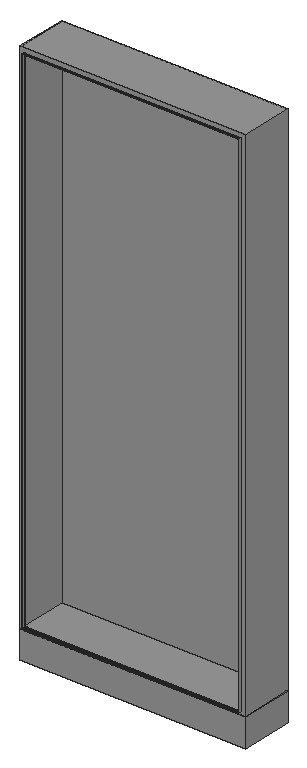
Revit family "Hager-Univers-IP30-D205-H1950-Cl.II-Encl-NoHosted-CH-en", category Equipement électrique, Revit 2020
Family settings
  Configuration du panneau = Deux colonnes, circuits au sein
  Cote de connecteur circulaire = Utiliser le diamètre
  Type d'élément = Tableau de raccordement
  Basée sur le plan de construction = Oui
  Toujours verticalement = Oui
  Couper avec des vides une fois chargée = Non
  Partagée = Non
  Point de calcul de pièce = Non
Parameters (values of type "Floor installation IP30 W800 H1950 D205  - FP23S1N")
  Width Control [instance] = if([EF000008 - Width] > Min Width, [EF000008 - Width], Min Width)  # 800 mm
  Commentaires du type = [HG000003 - Range]  # "Univers"
  Thickness Door [instance] = if([EF009171 - Material plate thickness door/cover] > 3 mm, 3 mm, [EF009171 - Material plate thickness door/cover])  # 1 mm
  Seal Frame Offset [instance] = 17 mm  # constant formula
  Plinth Visibility [instance] = [HG000027 - Plinth height] > 0 mm  # yes
  Min Width [instance] = 100 mm  # constant formula
  Min Depth [instance] = (2 * [EF009170 - Material plate thickness cabinet]) + 1 mm  # 3 mm
  Min Height [instance] = 100 mm  # constant formula
  Internal Frame Depth [instance] = (Door System Depth * 0.5)  # 9 mm
  Panel Name [instance] = ""  # (empty or 0)
  Model = ""
  HG000027 - Plinth height = 100 mm
  HG000026 - Floor standing = yes
  HG000024 - Bottom section height = 600 mm
  HG000023 - Double section enclosure = no
  HG000016 - Door 3d visibility [instance] = yes
  HG000015 - Clearance visibility [instance] = no
  HG000014 - Door on the right [instance] = yes
  HG000013 - Door on the left [instance] = not([HG000014 - Door on the right])  # no
  HG000012 - Door swing angle [instance] = 30.00°
  HG000010 - Asymmetric doors = no
  HG000009 - Double swing door = no
  HG000006 - Flush mounted = no
  HG000004 - Manufacturer reference = "FP23S1N"
  HG000003 - Range = "Univers"
  HG000002 - With door or cover = no
  Frame Offset Bottom [instance] = 10 mm  # constant formula
  Frame Offset [instance] = 15 mm  # constant formula
  EF015940 - Cover with overpressure release = no
  EF011959 - Degree of protection (NEMA) = ""
  EF009554 - Number of openings for flange plates = 6
  EF009212 - Cover model = "EV009916 - With notch"
  EF009171 - Material plate thickness door/cover = 1 mm
  EF009170 - Material plate thickness cabinet = 1 mm
  EF008873 - Nominal current (In) = 400 A
  EF007800 - Suitable for lightning protection = no
  EF006306 - With lock = no
  EF006244 - Transparent cover/door = no
  EF005474 - Degree of protection (IP) = "EV006410 - IP30"
  EF004464 - Type of door = "EV000494 - None"
  EF004427 - Number of modules = 432
  EF004293 - Impact strength = "EV006813 - IK07"
  EF003532 - Suitable for outdoor use = no
  EF002950 - Width in number of modular spacings = 36
  EF001613 - Circuit integrity = "EV000494 - None"
  EF001596 - Material housing = "EV000179 - Steel"
  EF001131 - Internal depth = 130 mm
  EF001088 - Extension possible = yes
  EF000437 - Number of conduit inlets = 6
  EF000339 - Type of cover = "EV000494 - None"
  EF000266 - Number of rows = 12
  EF000218 - Built-in depth = 0 mm
  EF000118 - With mounting plate = no
  EF000116 - RAL-number = "9010"
  EF000049 - Depth = 205 mm
  EF000040 - Height = 1950 mm
  EF000008 - Width = 800 mm
  EF000007 - Colour = "EV000202 - White"
  EF000003 - Mounting method = "EV012274 - Floor installation"
  Door System Leaf Tolerance [instance] = 1.5 mm  # constant formula
  Door System Depth [instance] = 18 mm  # constant formula
  Door Height [instance] = Height Control - [HG000027 - Plinth height]  # 1850 mm
  Description = ""
  Default Elevation = 1219.2 mm
  Connector Offset [instance] = Height Control / 2  # 975 mm
  Fabricant = "Hager"  # constant formula
  Height Control [instance] = if([EF000040 - Height] > Min Height, [EF000040 - Height], Min Height)  # 1950 mm
  Depth Control [instance] = if([EF000049 - Depth] > Min Depth, [EF000049 - Depth], Min Depth)  # 205 mm
  Bottom Top Plate Trim [instance] = 1.5 mm  # constant formula
  Plinth height Ctrl [instance] = if([HG000027 - Plinth height] > 0 mm, [HG000027 - Plinth height], 12 mm)  # 100 mm
Types (5, lengths in mm): name | Width Control | HG000004 - Manufacturer reference | EF009554 - Number of openings for flange plates | EF008873 - Nominal current (In) | EF004427 - Number of modules | EF002950 - Width in number of modular spacings | EF000437 - Number of conduit inlets | EF000008 - Width
  Floor installation IP30 W1050 H1950 D205  - FP24S1N | 1050 | "FP24S1N" | 8 | 400 A | 576 | 48 | 8 | 1050
  Floor installation IP30 W1300 H1950 D205  - FP25S1N | 1300 | "FP25S1N" | 10 | 400 A | 720 | 60 | 10 | 1300
  Floor installation IP30 W300 H1950 D205  - FP21S1N | 300 | "FP21S1N" | 2 | 250 A | 144 | 12 | 2 | 300
  Floor installation IP30 W550 H1950 D205  - FP22S1N | 550 | "FP22S1N" | 4 | 400 A | 288 | 24 | 4 | 550
  Floor installation IP30 W800 H1950 D205  - FP23S1N | 800 | "FP23S1N" | 6 | 400 A | 432 | 36 | 6 | 800
Reference planes
  plane 1 "Center (Front/Back)": y = 0
  plane 2: z = 0
  plane 3 "Center (Left/Right)": x = 0
  plane 4: y = 0
  plane 5: y = 0
  plane 6: z = 0
  plane 7: x = -400
  plane 8: x = 400
  plane 9: x = 399
  plane 10: x = -399
  plane 11: z = 100
  plane 12: z = 101
  plane 13: y = -205
  plane 14: y = -1
  plane 15: x = 0
  plane 16: y = -187
  plane 17: y = -204
  plane 18: y = -186
  plane 19: x = -384
  plane 20: x = 384
  plane 21: z = 111
  plane 22: x = -383
  plane 23: x = 383
  plane 24: z = 100
  plane 25: z = 1950
  plane 26: z = 1950
  plane 27: z = 1934
  plane 28: z = 1949
Forms (mm)
  Extrusion 1, solid, material "Hager_Steel_RAL7035_Light_Grey", detail levels medium+fine
    sketch origin (-208.679, -4572, 100) x (-1, 0, 0) y (0, -1, 0)
      loop
        line (191.321, -4385) -> (-608.679, -4385) -> (-608.679, -4572) -> (191.321, -4572) -> (191.321, -4385)
    from 0 to 1850
  Extrusion 2, void
    sketch origin (-350.771, -205, 1219.2) x (1, 0, 0) y (0, 0, 1)
      loop
        line (-48.229, 729.8) -> (-48.229, -1118.2) -> (749.771, -1118.2) -> (749.771, 729.8) -> (-48.229, 729.8)
    from -19 to -204
  Extrusion 3, void
    sketch origin (-290.084, -187, 1219.2) x (1, 0, 0) y (0, 0, 1)
      loop
        line (-93.916, -1108.2) -> (674.084, -1108.2) -> (674.084, 714.8) -> (-93.916, 714.8) -> (-93.916, -1108.2)
    from 0 to -1
  Extrusion 4, solid, material "Hager_Steel_RAL7035_Light_Grey", visible <- "Plinth Visibility", detail levels medium+fine
    sketch origin (0, 0, 0) x (1, 0, 0) y (0, 1, 0)
      loop
        line (-400, 0) -> (-400, -187) -> (400, -187) -> (400, 0) -> (-400, 0)
    from 0 to 100 <- "Plinth height Ctrl"
  Extrusion 5, solid, material "Hager_Steel_RAL7035_Light_Grey", detail levels coarse
    sketch origin (0, 0, 0) x (1, 0, 0) y (0, 1, 0)
      loop
        line (-400, 0) -> (-400, -205) -> (400, -205) -> (400, 0) -> (-400, 0)
    from 0 to 1950 <- "Height Control"
  Sweep 6, void
    path in 3D
      loop
        line (-400, -187, 100) -> (400, -187, 100) -> (400, 0, 100) -> (-400, 0, 100) -> (-400, -187, 100)
    profile origin (-400, -93.5, 100) x (1, 0, 0) y (0, 0, 1)
      loop
        line (0, 0) -> (0, -1.5) -> (1.5, -1.5)
        arc (1.5, -1.5) -> (1.061, -0.439) -> (0, 0) r 1.5
  Extrusion 7, solid, material "Hager_Steel_RAL7035_Light_Grey", detail levels fine
    sketch origin (-400, -187, 100) x (1, 0, 0) y (0, 0, 1)
      loop
        line (16, 11) -> (784, 11) -> (784, 1834) -> (16, 1834) -> (16, 11)
      loop
        line (15, 10) -> (785, 10) -> (785, 1835) -> (15, 1835) -> (15, 10)
    from 0 to 9 <- "Internal Frame Depth"
Cuts and joins
  Extrusion 2, Extrusion 3 cuts Extrusion 1
  Sweep 6 cuts Extrusion 4
Lines and regions (mm)
  Masking region 1
    outline origin (0, 0, 0) x (1, 0, 0) y (0, 1, 0)
      loop
        line (-400, 0) -> (-400, -205) -> (400, -205) -> (400, 0) -> (-400, 0)
  Masking region 2, detail levels coarse
    outline origin (-290.084, -187, 1219.2) x (-1, 0, 0) y (0, 0, 1)
      loop
        line (-690.084, -1219.2) -> (109.916, -1219.2) -> (109.916, 730.8) -> (-690.084, 730.8) -> (-690.084, -1219.2)
  Masking region 3, detail levels coarse
    outline origin (0, 0, 0) x (0, 1, 0) y (0, 0, 1)
      loop
        line (0, 0) -> (0, 1950) -> (-205, 1950) -> (-205, 0) -> (0, 0)
  Masking region 4, visible <- "Plinth Visibility", detail levels medium+fine
    outline origin (0, 0, 0) x (0, 1, 0) y (0, 0, 1)
      loop
        line (-1.5, 100) -> (-185.5, 100)
        arc (-185.5, 100) -> (-185.939, 98.939) -> (-187, 98.5) r 1.5
        line (-187, 98.5) -> (-187, 0) -> (0, 0) -> (0, 98.5)
        arc (0, 98.5) -> (-1.061, 98.939) -> (-1.5, 100) r 1.5
  Masking region 5, detail levels medium+fine
    outline origin (0, 0, 594.038) x (0, 1, 0) y (0, 0, 1)
      loop
        line (0, -494.038) -> (0, 1355.962) -> (-187, 1355.962) -> (-187, -494.038) -> (0, -494.038)
  Masking region 6, detail levels medium+fine
    outline origin (-359.7, -187, 1211.883) x (-1, 0, 0) y (0, 0, 1)
      loop
        line (-759.7, -1111.883) -> (40.3, -1111.883) -> (40.3, 738.117) -> (-759.7, 738.117) -> (-759.7, -1111.883)
  Masking region 7, visible <- "Plinth Visibility", detail levels medium+fine
    outline origin (-320.334, -187, 1041.368) x (-1, 0, 0) y (0, 0, 1)
      loop
        line (-720.334, -1041.368) -> (79.666, -1041.368) -> (79.666, -942.868)
        arc (79.666, -942.868) -> (78.606, -942.429) -> (78.166, -941.368) r 1.5
        line (78.166, -941.368) -> (-718.834, -941.368)
        arc (-718.834, -941.368) -> (-719.273, -942.429) -> (-720.334, -942.868) r 1.5
        line (-720.334, -942.868) -> (-720.334, -1041.368)
  sketch lines
    curve 1: line (-400, 0, 100) -> (-400, -187, 100)
    curve 2: line (-400, -187, 100) -> (400, -187, 100)
    curve 3: line (400, 0, 100) -> (-400, 0, 100)
    curve 4: line (400, -187, 100) -> (400, 0, 100)
Dimensions and locks
  locked: plane 1 "Center (Front/Back)" to plane 5
  "EF009170 - Material plate thickness cabinet": plane 7 to plane 10
  "EF009170 - Material plate thickness cabinet": plane 8 to plane 9
  equal spacing: plane 7, plane 3 "Center (Left/Right)", plane 8
  "Width Control": plane 7 to plane 8
  "Depth Control": plane 4 to plane 13
  "EF009170 - Material plate thickness cabinet": plane 4 to plane 14
  "Height Control": plane 25 to level
  "HG000027 - Plinth height": plane 11 to level
  "EF009170 - Material plate thickness cabinet": plane 12 to plane 11
  "EF009170 - Material plate thickness cabinet": plane 17 to plane 13
  "EF009170 - Material plate thickness cabinet": plane 18 to plane 16
  "Frame Offset Bottom": plane 21 to plane 12
  "Frame Offset": plane 10 to plane 19
  "Frame Offset": plane 9 to plane 20
  "Door System Depth": plane 16 to plane 13
  "Seal Frame Offset": plane 7 to plane 22
  "Seal Frame Offset": plane 8 to plane 23
  "EF009170 - Material plate thickness cabinet": plane 26 to plane 28
  "Frame Offset": plane 28 to plane 27
  "Connector Offset": plane 2 to connector elem
  "Bottom Top Plate Trim": profile plane to Sweep 6 sketch curve
  "Bottom Top Plate Trim": Sweep 6 sketch curve to Sweep 6 sketch curve
  "Plinth height Ctrl": Masking region 4 sketch curve to level
  "Plinth height Ctrl": Masking region 7 sketch curve to level
  "Thickness Door": Extrusion 7 sketch curve to Extrusion 7 sketch curve  (x4)
  "Bottom Top Plate Trim": radius of Sweep 6 sketch curve
  "Bottom Top Plate Trim": radius of Masking region 4 sketch curve  (x2)
  "Bottom Top Plate Trim": radius of Masking region 7 sketch curve  (x2)
  aligned and locked: Extrusion 2 sketch curve to plane 12
  aligned and locked: Extrusion 2 sketch curve to plane 9
  aligned and locked: Extrusion 2 sketch curve to plane 10
  aligned and locked: Extrusion 2 to plane 14
  aligned and locked: Extrusion 1 sketch curve to plane 4
  aligned and locked: plane 8 to Extrusion 1 sketch curve
  aligned and locked: plane 7 to Extrusion 1 sketch curve
  aligned and locked: Extrusion 2 to plane 18
  aligned and locked: Extrusion 3 sketch curve to plane 19
  aligned and locked: plane 20 to Extrusion 3 sketch curve
  aligned and locked: Extrusion 3 to Extrusion 2
  aligned and locked: Extrusion 3 sketch curve to plane 21
  aligned and locked: plane 3 "Center (Left/Right)" to nested 1
  aligned and locked: Extrusion 1 sketch curve to plane 16
  aligned and locked: Extrusion 4 sketch curve to cut or joined group of Extrusion 1, Extrusion 2, Extrusion 3
  aligned and locked: Masking region 1 sketch curve to plane 7
  aligned and locked: Masking region 1 sketch curve to plane 5
  aligned and locked: Masking region 1 sketch curve to plane 8
  aligned and locked: Masking region 2 sketch curve to level
  aligned and locked: level to Masking region 3 sketch curve
  aligned and locked: plane 1 "Center (Front/Back)" to Masking region 3 sketch curve
  aligned and locked: plane 13 to Masking region 3 sketch curve
  aligned and locked: plane 5 to Masking region 4 sketch curve
  aligned and locked: Masking region 2 sketch curve to plane 8
  aligned and locked: Masking region 2 sketch curve to plane 7
  aligned and locked: plane 7 to nested 2
  aligned and locked: nested 2 to plane 5
  aligned and locked: plane 5 to Masking region 5 sketch curve
  aligned and locked: plane 26 to Masking region 5 sketch curve
  aligned and locked: Extrusion 5 sketch curve to plane 8
  aligned and locked: Extrusion 5 sketch curve to plane 7
  aligned and locked: Extrusion 5 sketch curve to plane 5
  aligned and locked: Extrusion 3 sketch curve to plane 27
  aligned and locked: Extrusion 2 sketch curve to plane 28
  aligned and locked: Masking region 2 to plane 25
  aligned and locked: Extrusion 4 to plane 16
  aligned and locked: profile plane to Sweep 6 sketch curve
  aligned and locked: Masking region 5 sketch curve to plane 24
  aligned and locked: level to Masking region 4 sketch curve
  aligned and locked: Masking region 1 to plane 13
  aligned and locked: nested 1 to plane 16
  aligned and locked: Masking region 3 to plane 25
  aligned and locked: plane 16 to Masking region 4 sketch curve
  aligned and locked: Masking region 5 sketch curve to plane 16
  aligned and locked: plane 24 to plane 11
  aligned and locked: plane 26 to plane 25
  aligned and locked: plane 26 to cut or joined group of Extrusion 1, Extrusion 2, Extrusion 3
  aligned and locked: nested 1 to plane 24
  aligned and locked: Extrusion 1 to Extrusion 3
  aligned and locked: Masking region 6 sketch curve to plane 8
  aligned and locked: Masking region 6 sketch curve to plane 24
  aligned and locked: Masking region 6 sketch curve to plane 7
  aligned and locked: Masking region 6 sketch curve to plane 26
  aligned and locked: Masking region 7 sketch curve to plane 7
  aligned and locked: level to Masking region 7 sketch curve
  aligned and locked: Masking region 7 sketch curve to plane 8
  aligned and locked: Extrusion 7 sketch curve to cut or joined group of Extrusion 1, Extrusion 2, Extrusion 3  (x4)
Automatic sketch dimensions
  plane 19 to Extrusion 3 sketch curve = 0 mm
  Extrusion 3 sketch curve to plane 20 = 0 mm
  Extrusion 3 sketch curve to plane 21 = 0 mm
  Extrusion 4 sketch curve to plane 7 = 0 mm
  Extrusion 4 sketch curve to plane 8 = 0 mm
  Extrusion 4 sketch curve to plane 16 = 0 mm
  Masking region 1 sketch curve to plane 13 = 0 mm
  Masking region 2 sketch curve to plane 25 = 0 mm
  Masking region 3 sketch curve to plane 25 = 0 mm
  Extrusion 5 sketch curve to plane 13 = 0 mm
  profile plane to Sweep 6 sketch curve = 0 mm
Nested families
  nested 1: "EC000058_Univers_Door" at (0, -187, 100), Double <- "HG000009 - Double swing door", Transparent <- "EF006244 - Transparent cover/door", Angle <- "HG000012 - Door swing angle", Door_Right <- "HG000014 - Door on the right", Assymetrical <- "HG000010 - Asymmetric doors", Door <- "HG000002 - With door or cover", Width_Ctrl <- "Width Control", 3d_Door <- "HG000016 - Door 3d visibility", Clearance <- "HG000015 - Clearance visibility", Door_Left <- "HG000013 - Door on the left", Width <- "Width Control", Door_Depth <- "Door System Depth", Leaf_Tolerance <- "Door System Leaf Tolerance", Height <- "Door Height", Lock_Visibility <- "EF006306 - With lock", Thickness <- "Thickness Door", type "EC000058_Univers_Door", detail levels medium+fine
    with min_wh 3 mm, Width_Ctrl 800 mm, Width 800 mm, Transparent no, Thickness 1 mm, Seal_Material Hager_Rubber, Lock_Visibility no, Lock_Material Hager_Plastic_RAL9005_Jet_Black, Leaf_Width 800 mm, Leaf_Tolerance_External_Sides 0 mm, Leaf_Tolerance 1.5 mm, Leaf_Offset 0 mm, Leaf_Height 1847 mm, Leaf_2_Width 800 mm, Leaf_2_Offset 400 mm, Leaf_1_Width 800 mm, Leaf_1_Offset 400 mm, Height_Ctrl 1850 mm, Height 1850 mm, Glass_Material Hager_Glass, Double_Clearance_Ctrl no, Double no, Door_Right_Ctrl no, Door_Right yes, Door_Material Hager_Steel_RAL7035_Light_Grey, Door_Left_Ctrl no, Door_Left no, Door_Depth 18 mm, Door no, Clearance_Material Hager_Clearance, Clearance_Depth 800 mm, Clearance_Ctrl no, Clearance no, Assymetrical no, Angle 30.00°, 3d_Door yes
  nested 2: "Hager_Enclosure_Symbol" at (-400, 0, 0), Height <- "Depth Control", Width <- "Width Control", type "Hager_Enclosure_Symbol"
    with Width_Ctrl 800 mm, Width 800 mm, Height_Ctrl 205 mm, Height 205 mm, A_Width_Int 13.453 mm, A_Width 161.438 mm, A_Height_Ctrl 179.375 mm, A_Height 179.375 mm
Connectors
  electrical at (0, 0, 975)
    settings: on plane 1 "Center (Front/Back)", index 1, voltage 0 V, apparent load 0 VA, apparent load phase1 0 VA, apparent load phase2 0 VA, apparent load phase3 0 VA, power factor 1, load classification "Other", number of poles 1, system type 30, power factor state 1, is connector primary yes, connector utility no, sub classification motor no, connector description ""
Definition of nested family "EC000058_Univers_Door"
  Parameters (values of type "EC000058_Univers_Door")
    min_wh [instance] = (2 * Thickness) + 1 mm  # 11 mm
    Width_Ctrl [instance] = 400 mm
    Width [instance] = 500 mm
    Transparent [instance] = yes
    Thickness [instance] = 5 mm
    Seal_Material [instance] = none
    Lock_Visibility [instance] = yes
    Lock_Material [instance] = none
    Leaf_Width [instance] = if((Width_Ctrl - 2 * Leaf_Tolerance_External_Sides) > 0 mm, (Width_Ctrl - 2 * Leaf_Tolerance_External_Sides), min_wh)  # 400 mm
    Leaf_Tolerance_External_Sides [instance] = 0 mm  # constant formula
    Leaf_Tolerance [instance] = 1.5 mm
    Leaf_Offset [instance] = 0 mm  # constant formula
    Leaf_Height [instance] = if((Height_Ctrl - 2 * Leaf_Tolerance) > 0 mm, (Height_Ctrl - 2 * Leaf_Tolerance), min_wh)  # 497 mm
    Leaf_2_Width [instance] = if(and(and(Double, Assymetrical), Door_Left), (Leaf_Width / 3) - (Leaf_Tolerance / 2), if(and(and(Double, Assymetrical), Door_Right), (Leaf_Width / 3) * 2 - (Leaf_Tolerance / 2), if(and(Double, not(Assymetrical)), (Leaf_Width / 2) - Leaf_Tolerance, Leaf_Width)))  # 400 mm
    Leaf_2_Offset [instance] = if(and(Double, Assymetrical), Leaf_2_Width / 2, if(and(Double, not(Assymetrical)), Leaf_Width / 4, Leaf_Width / 2))  # 200 mm
    Leaf_1_Width [instance] = if(and(and(Double, Assymetrical), Door_Right), (Leaf_Width / 3) - (Leaf_Tolerance / 2), if(and(and(Double, Assymetrical), Door_Left), (Width / 3) * 2 - (Leaf_Tolerance / 2), if(and(Double, not(Assymetrical)), (Leaf_Width / 2) - Leaf_Tolerance, Leaf_Width)))  # 400 mm
    Leaf_1_Offset [instance] = if(and(Double, Assymetrical), Leaf_1_Width / 2, if(and(Double, not(Assymetrical)), Leaf_Width / 4, Leaf_Width / 2))  # 200 mm
    Height_Ctrl [instance] = if(Height > min_wh, Height, min_wh)  # 500 mm
    Height [instance] = 500 mm
    Glass_Material [instance] = none
    Double_Clearance_Ctrl [instance] = and(Double, Clearance)  # no
    Double [instance] = no
    Door_Right_Ctrl [instance] = and(or(Door_Right, Double), Door)  # yes
    Door_Right [instance] = yes
    Door_Material [instance] = none
    Door_Left_Ctrl [instance] = and(or(Door_Left, Double), Door)  # no
    Door_Left [instance] = no
    Door_Depth [instance] = 30 mm
    Door [instance] = yes
    Default Elevation = 1219.2 mm
    Clearance_Material [instance] = none
    Clearance_Depth [instance] = if(Leaf_1_Width > Leaf_2_Width, Leaf_1_Width, Leaf_2_Width)  # 400 mm
    Clearance_Ctrl [instance] = and(not(Double), Clearance)  # yes
    Clearance [instance] = yes
    Assymetrical [instance] = yes
    Angle [instance] = 30.00°
    3d_Door [instance] = yes
  Reference planes
    plane 1 "Center (Front/Back)": y = 0
    plane 2 "Bottom": z = 0
    plane 3 "Center (Left/Right)": x = 0
    plane 4: z = 500
    plane 5: x = -200
    plane 6: x = 200
    plane 7: z = 500
    plane 8: x = -200
    plane 9: z = 0
    plane 10: x = 200
    plane 11: y = 0
    plane 12: z = 1.5
    plane 13: x = -600
    plane 14: y = -400
    plane 15: x = 600
    plane 16: x = 0
    plane 17: x = 0
    plane 18: x = -200
    plane 19: x = 200
    plane 20: z = 498.5
  Forms (mm)
    Extrusion 1, solid, material <- "Clearance_Material", visible <- "Double_Clearance_Ctrl"
      sketch origin (1200, 0, 0) x (1, 0, 0) y (0, 0, -1)
        loop
          line (-1800, -498.5) -> (-600, -498.5) -> (-600, 0) -> (-1800, 0) -> (-1800, -498.5)
      from 0 to -400
  Dimensions and locks
    equal spacing: plane 5, plane 3 "Center (Left/Right)", plane 6
    "Width_Ctrl": plane 5 to plane 6
    "Leaf_Offset": plane 5 to plane 8
    "Leaf_Offset": plane 6 to plane 10
    "Leaf_Offset": plane 9 to level
    "Leaf_Offset": plane 4 to plane 7
    "Height_Ctrl": plane 4 to level
    "Leaf_Tolerance": plane 12 to plane 9
    locked: plane 11 to plane 1 "Center (Front/Back)"
    "Leaf_1_Offset": plane 18 to plane 16
    "Leaf_2_Offset": plane 17 to plane 19
    "Leaf_1_Width": plane 13 to plane 8
    "Leaf_2_Width": plane 10 to plane 15
    "Clearance_Depth": plane 14 to plane 1 "Center (Front/Back)"
    "Leaf_Tolerance_External_Sides": plane 8 to plane 18
    "Leaf_Tolerance_External_Sides": plane 19 to plane 10
    "Leaf_Tolerance": plane 7 to plane 20
    aligned and locked: level to plane 2 "Bottom"
    aligned and locked: nested 1 to plane 16
    aligned and locked: nested 2 to plane 17
    aligned and locked: Extrusion 1 to plane 13
    aligned and locked: plane 15 to Extrusion 1
    aligned and locked: Extrusion 1 to plane 14
    aligned and locked: plane 12 to nested 1
    aligned and locked: nested 2 to plane 12
    aligned and locked: Extrusion 1 to plane 11
    aligned and locked: plane 20 to Extrusion 1
    aligned and locked: nested 2 to plane 11
    aligned and locked: nested 1 to plane 11
  Automatic sketch dimensions
    Extrusion 1 sketch curve to level = 0 mm
    plane 5 to Extrusion 1 sketch curve = 400 mm
    plane 6 to Extrusion 1 sketch curve = 400 mm
    Extrusion 1 sketch curve to plane 4 = 1.5 mm
  Nested families
    nested 1: "EC000058_Univers_Door_Leaf" at (0, 0, 1.5), Width <- "Leaf_1_Width", visible <- "Door_Left_Ctrl", Leaf_Height <- "Leaf_Height", Angle <- "Angle", 3d_Door <- "3d_Door", Transparent <- "Transparent", Clearance Material <- "Clearance_Material", Clearance <- "Clearance_Ctrl", Door_Material <- "Door_Material", Glass_Material <- "Glass_Material", Door_Depth <- "Door_Depth", Lock_Material <- "Lock_Material", Seal_Material <- "Seal_Material", Lock_Visibility <- "Lock_Visibility", Thickness <- "Thickness", type "EC000058_Univers_Door_Leaf"
      with Width 400 mm, Transparent_Glass_Offset 30 mm, Transparent_Ctrl yes, Transparent yes, Thickness 5 mm, Standard no, Seal_Material none, Seal_D2 8 mm, Seal_D1 1 mm, Offset_Internal_Frame 10 mm, Lock_Width 20 mm, Lock_Visibility_3d yes, Lock_Visibility yes, Lock_Thickness_3 3 mm, Lock_Thickness_2 1 mm, Lock_Thickness_1 3 mm, Lock_Radius_Offset_2 16 mm, Lock_Radius_Offset_1 15 mm, Lock_Radius_2 5 mm, Lock_Radius 6 mm, Lock_Offset 5 mm, Lock_Material none, Lock_Height 80 mm, Lock_Cover_Top_Offset_2d 17 mm, Lock_Cover_Height -65 mm, Leaf_Height 497 mm, Internal_Seal_Thickness 8 mm, Internal_Seal_Depth_2 4.5 mm, Internal_Frame_Depth 25 mm, Glass_Thickness -1 mm, Glass_Offset -2 mm, Glass_Material none, Door_Material none, Door_Depth 30 mm, Clearance Material none, Clearance yes, Angle_Ctrl 30.00°, Angle 30.00°, 3d_Door yes
    nested 2: "EC000058_Univers_Door_Leaf" at (0, 0, 1.5) x (-1, 0, 0) z (0, 0, 1), Width <- "Leaf_2_Width", visible <- "Door_Right_Ctrl", Leaf_Height <- "Leaf_Height", Angle <- "Angle", 3d_Door <- "3d_Door", Transparent <- "Transparent", Clearance Material <- "Clearance_Material", Clearance <- "Clearance_Ctrl", Door_Material <- "Door_Material", Glass_Material <- "Glass_Material", Door_Depth <- "Door_Depth", Lock_Material <- "Lock_Material", Seal_Material <- "Seal_Material", Lock_Visibility <- "Lock_Visibility", Thickness <- "Thickness", type "EC000058_Univers_Door_Leaf"
      with Width 400 mm, Transparent_Glass_Offset 30 mm, Transparent_Ctrl yes, Transparent yes, Thickness 5 mm, Standard no, Seal_Material none, Seal_D2 8 mm, Seal_D1 1 mm, Offset_Internal_Frame 10 mm, Lock_Width 20 mm, Lock_Visibility_3d yes, Lock_Visibility yes, Lock_Thickness_3 3 mm, Lock_Thickness_2 1 mm, Lock_Thickness_1 3 mm, Lock_Radius_Offset_2 16 mm, Lock_Radius_Offset_1 15 mm, Lock_Radius_2 5 mm, Lock_Radius 6 mm, Lock_Offset 5 mm, Lock_Material none, Lock_Height 80 mm, Lock_Cover_Top_Offset_2d 17 mm, Lock_Cover_Height -65 mm, Leaf_Height 497 mm, Internal_Seal_Thickness 8 mm, Internal_Seal_Depth_2 4.5 mm, Internal_Frame_Depth 25 mm, Glass_Thickness -1 mm, Glass_Offset -2 mm, Glass_Material none, Door_Material none, Door_Depth 30 mm, Clearance Material none, Clearance yes, Angle_Ctrl 30.00°, Angle 30.00°, 3d_Door yes
  Definition of nested family "EC000058_Univers_Door_Leaf"
    Parameters (values of type "EC000058_Univers_Door_Leaf")
      Width [instance] = 2000 mm
      Transparent_Glass_Offset [instance] = 30 mm
      Transparent_Ctrl [instance] = and(Transparent, [3d_Door])  # yes
      Transparent [instance] = yes
      Thickness [instance] = 5 mm
      Standard [instance] = and(not(Transparent), [3d_Door])  # no
      Seal_Material [instance] = none
      Seal_D2 [instance] = 8 mm  # constant formula
      Seal_D1 [instance] = 1 mm  # constant formula
      Offset_Internal_Frame [instance] = 10 mm  # constant formula
      Lock_Width [instance] = 20 mm  # constant formula
      Lock_Visibility_3d [instance] = and(Lock_Visibility, [3d_Door])  # yes
      Lock_Visibility [instance] = yes
      Lock_Thickness_3 [instance] = 3 mm  # constant formula
      Lock_Thickness_2 [instance] = 1 mm  # constant formula
      Lock_Thickness_1 [instance] = 3 mm  # constant formula
      Lock_Radius_Offset_2 [instance] = Lock_Radius_Offset_1 + 1 mm  # 16 mm
      Lock_Radius_Offset_1 [instance] = 15 mm  # constant formula
      Lock_Radius_2 [instance] = Lock_Radius - 1 mm  # 5 mm
      Lock_Radius [instance] = 6 mm  # constant formula
      Lock_Offset [instance] = 5 mm  # constant formula
      Lock_Material [instance] = none
      Lock_Height [instance] = 80 mm  # constant formula
      Lock_Cover_Top_Offset_2d [instance] = Lock_Radius_Offset_2 + 1 mm  # 17 mm
      Lock_Cover_Height [instance] = -(Lock_Height - Lock_Radius_Offset_1)  # -65 mm
      Leaf_Height [instance] = 2720.336 mm
      Internal_Seal_Thickness [instance] = 8 mm  # constant formula
      Internal_Seal_Depth_2 [instance] = 4.5 mm  # constant formula
      Internal_Frame_Depth [instance] = if(Door_Depth - Thickness > 5 mm, Door_Depth - Thickness, 5 mm)  # 25 mm
      Glass_Thickness [instance] = if(Thickness > 15 mm, Glass_Offset + 10 mm, -1 mm)  # -1 mm
      Glass_Offset [instance] = if(Thickness > 15 mm, -(Thickness + 10 mm) / 2, -2 mm)  # -2 mm
      Glass_Material [instance] = none
      Door_Material [instance] = none
      Door_Depth [instance] = 30 mm
      Default Elevation = 0 mm
      Clearance Material [instance] = none
      Clearance [instance] = yes
      Angle_Ctrl [instance] = if(Angle > 180.00°, 180.00°, Angle)  # 90.00°
      Angle [instance] = 90.00°
      3d_Door [instance] = yes
    Reference planes
      plane 1 "Center (Front/Back)": y = 0
      plane 2: z = 0
      plane 3 "Center (Left/Right)": x = 0
      plane 4: y = 2000
      plane 5: x = -1000
      plane 6: x = 1000
      plane 7: x = -3000
      plane 8: z = 2720.336
      plane 9: z = 30
      plane 10: z = 2690.336
      plane 11: x = 970
      plane 12: x = -970
      plane 13: y = -3
      plane 14: z = 107.833
      plane 15: y = -5
      plane 16: y = -223.314
      plane 17: x = -1000
      plane 18: z = 1360.168
      plane 19: y = 30
    Forms (mm)
      Extrusion 1, solid, material <- "Clearance Material", visible <- "Clearance"
        sketch origin (0, 0, 0) x (1, 0, 0) y (0, 0, 1)
          loop
            line (-3000, 2720.336) -> (-3000, 0) -> (1000, 0) -> (1000, 2720.336) -> (-3000, 2720.336)
        from 0 to -2000
      Extrusion 2, solid, material <- "Door_Material", visible <- "Standard", detail levels medium+fine
        sketch origin (-1000, 0, 0) x (0, 1, 0) y (-1, 0, 0)
          loop
            line (0, 30) -> (0, 25) -> (2000, 25) -> (2000, 30) -> (0, 30)
        from 0 to 2720.336 <- "Leaf_Height"
      Extrusion 3, solid, material <- "Door_Material", visible <- "Transparent_Ctrl", detail levels medium+fine
        sketch origin (-1000, 0, 0) x (0, 1, 0) y (-1, 0, 0)
          loop
            line (0, 25) -> (2000, 25) -> (2000, 30) -> (0, 30) -> (0, 25)
        from 0 to 2720.336 <- "Leaf_Height"
      Extrusion 4, void
        sketch origin (-1025, 2000, 0) x (0, 1, 0) y (0, 0, -1)
          loop
            line (-30, -2690.336) -> (-30, -30) -> (-1970, -30) -> (-1970, -2690.336) -> (-30, -2690.336)
        from 0 to 5 <- "Thickness"
      Sweep 5, solid, material <- "Seal_Material", visible <- "Transparent_Ctrl", detail levels fine
        path in 3D
          loop
            line (-1025, 30, 30) -> (-1025, 30, 2690.336) -> (-1025, 1970, 2690.336) -> (-1025, 1970, 30) -> (-1025, 30, 30)
        profile origin (-1025, 1000, 30) x (1, 0, 0) y (0, 0, 1)
          loop
            line (0, 0) -> (0, -8) -> (1, -8) -> (1, 0) -> (0, 0)
      Extrusion 6, solid, material <- "Glass_Material", visible <- "Transparent_Ctrl", detail levels medium+fine
        sketch origin (-1030, 0, 0) x (0, 1, 0) y (0, 0, -1)
          loop
            line (1970, -2690.336) -> (1970, -30) -> (30, -30) -> (30, -2690.336) -> (1970, -2690.336)
        from -2 <- "Glass_Offset" to -1 <- "Glass_Thickness"
      Extrusion 7, solid, material <- "Door_Material", visible <- "3d_Door", detail levels medium+fine
        sketch origin (-1025, 2000, 0) x (0, -1, 0) y (0, 0, -1)
          loop
            line (0, -2720.336) -> (2000, -2720.336) -> (2000, 0) -> (0, 0) -> (0, -2720.336)
          loop
            line (1995, -5) -> (5, -5) -> (5, -2715.336) -> (1995, -2715.336) -> (1995, -5)
        from 0 to 25 <- "Internal_Frame_Depth"
      Sweep 8, solid, material <- "Seal_Material", visible <- "Transparent_Ctrl", detail levels fine
        path in 3D
          loop
            line (-1025, 0, 0) -> (-1025, 2000, 0) -> (-1025, 2000, 2720.336) -> (-1025, 0, 2720.336) -> (-1025, 0, 0)
        profile origin (-1025, 0, 1360.168) x (1, 0, 0) y (0, 1, 0)
          loop
            line (0, 10) -> (2.975, 10)
            arc (2.975, 10) -> (4.053, 10.447) -> (4.5, 11.525) r 1.525
            line (4.5, 11.525) -> (4.5, 16.527)
            arc (4.5, 16.527) -> (4.069, 17.569) -> (3.027, 18) r 1.473
            line (3.027, 18) -> (0, 18) -> (0, 10)
      Extrusion 9, solid, material <- "Lock_Material", visible <- "Lock_Visibility_3d", detail levels fine
        sketch origin (-1030, 0, 0) x (0, 1, 0) y (0, 0, -1)
          loop
            arc (1993.5, -1400.168) -> (1994.561, -1399.729) -> (1995, -1398.668) r 1.5
            line (1995, -1398.668) -> (1995, -1320.168) -> (1975, -1320.168) -> (1975, -1398.668)
            arc (1975, -1398.668) -> (1975.439, -1399.729) -> (1976.5, -1400.168) r 1.5
            line (1976.5, -1400.168) -> (1993.5, -1400.168)
        from 3 <- "Lock_Thickness_1" to 0
      Blend 10, solid, material <- "Lock_Material", visible <- "Lock_Visibility_3d", detail levels fine
        base sketch origin (-1033, 0, 0) x (0, 1, 0) y (0, 0, -1)
          loop
            line (1975, -1320.168) -> (1975, -1398.668)
            arc (1975, -1398.668) -> (1975.439, -1399.729) -> (1976.5, -1400.168) r 1.5
            line (1976.5, -1400.168) -> (1993.5, -1400.168)
            arc (1993.5, -1400.168) -> (1994.561, -1399.729) -> (1995, -1398.668) r 1.5
            line (1995, -1398.668) -> (1995, -1320.168) -> (1975, -1320.168)
        top sketch origin (-1033, 0, 0) x (0, 1, 0) y (0, 0, -1)
          loop
            line (1976, -1320.168) -> (1976, -1398.668)
            arc (1976, -1398.668) -> (1976.146, -1399.022) -> (1976.5, -1399.168) r 0.5
            line (1976.5, -1399.168) -> (1993.5, -1399.168)
            arc (1993.5, -1399.168) -> (1993.854, -1399.022) -> (1994, -1398.668) r 0.5
            line (1994, -1398.668) -> (1994, -1320.168) -> (1976, -1320.168)
        from 0 to 1 <- "Lock_Thickness_2"
      Blend 11, solid, material <- "Lock_Material", visible <- "Lock_Visibility_3d", detail levels fine
        base sketch origin (-1034, 0, 0) x (0, 1, 0) y (0, 0, -1)
          loop
            line (1978, -1320.168) -> (1978, -1384.168)
            arc (1978, -1384.168) -> (1985, -1391.168) -> (1992, -1384.168) r 7
            line (1992, -1384.168) -> (1992, -1320.168) -> (1978, -1320.168)
        top sketch origin (-1034, 0, 0) x (0, 1, 0) y (0, 0, -1)
          loop
            line (1991, -1320.168) -> (1979, -1320.168) -> (1979, -1383.168)
            arc (1979, -1383.168) -> (1985, -1389.168) -> (1991, -1383.168) r 6
            line (1991, -1383.168) -> (1991, -1320.168)
        from 0 to 3 <- "Lock_Thickness_3"
      Extrusion 12, solid, material <- "Lock_Material", visible <- "Lock_Visibility_3d", detail levels fine
        sketch origin (-1030, 1975, 1320.168) x (1, 0, 0) y (0, -1, 0)
          loop
            line (-7, -19) -> (-7, -1) -> (0, -1) -> (0, 0) -> (-8, 0) -> (-8, -20) -> (0, -20) -> (0, -19) -> (-7, -19)
        from 0 to -65 <- "Lock_Cover_Height"
      Extrusion 13, void
        sketch origin (-1038, 1995, 1320.168) x (-1, 0, 0) y (0, 0, -1)
          loop
            line (-5, -65) -> (0, -65) -> (-5, -60) -> (-5, -65)
        from 0 to 20 <- "Lock_Width"
      Extrusion 14, void
        sketch origin (-1038, 1975, 1320.168) x (0, -1, 0) y (0, 0, -1)
          loop
            circle (-10, -15.995) r 6
          loop
            circle (-10, -15.995) r 5
        from 0 to 2
      Extrusion 15, solid, material <- "Lock_Material", visible <- "Lock_Visibility_3d", detail levels medium
        sketch origin (-1030, 0, 0) x (0, 1, 0) y (0, 0, -1)
          loop
            arc (1993.5, -1400.168) -> (1994.561, -1399.729) -> (1995, -1398.668) r 1.5
            line (1995, -1398.668) -> (1995, -1320.168) -> (1975, -1320.168) -> (1975, -1398.668)
            arc (1975, -1398.668) -> (1975.439, -1399.729) -> (1976.5, -1400.168) r 1.5
            line (1976.5, -1400.168) -> (1993.5, -1400.168)
        from 8 to 0
    Cuts and joins
      Extrusion 4 cuts Extrusion 3
      Extrusion 13, Extrusion 14 cuts Extrusion 9
      Extrusion 14 cuts Blend 11
      Extrusion 13, Extrusion 14 cuts Extrusion 12
      joined: Extrusion 9, Blend 10, Blend 11, Extrusion 12
      Extrusion 14 cuts Extrusion 15
    Lines and regions (mm)
      Masking region 1, visible <- "Lock_Visibility", detail levels fine
        outline origin (0, 0, 0) x (0, 1, 0) y (0, 0, 1)
          loop
            line (30, 1320.168) -> (33, 1320.168) -> (33, 1400.168) -> (30, 1400.168) -> (30, 1320.168)
      Masking region 2, visible <- "Lock_Visibility", detail levels fine
        outline origin (0, 3.143, 0) x (0, 1, 0) y (0, 0, 1)
          loop
            line (29.857, 1354.168) -> (30.857, 1354.168) -> (30.857, 1366.168) -> (29.857, 1366.168) -> (29.857, 1354.168)
      Masking region 3, detail levels medium+fine
        outline origin (0, 0, 0) x (0, 1, 0) y (0, 0, 1)
          loop
            line (0, 0) -> (30, 0) -> (30, 2720.336) -> (0, 2720.336) -> (0, 0)
      Masking region 4, detail levels medium+fine
        outline origin (0, 0, 0) x (1, 0, 0) y (0, 0, 1)
          loop
            line (-1000, 2720.336) -> (-1000, 0) -> (1000, 0) -> (1000, 2720.336) -> (-1000, 2720.336)
      Masking region 5, visible <- "Lock_Visibility", detail levels fine
        outline origin (-47.116, 0, 0) x (1, 0, 0) y (0, 0, 1)
          loop
            arc (1024.616, 1399.168) -> (1023.556, 1398.729) -> (1023.116, 1397.668) r 1.5
            line (1023.116, 1397.668) -> (1023.116, 1320.168) -> (1041.116, 1320.168) -> (1041.116, 1397.668)
            arc (1041.116, 1397.668) -> (1040.677, 1398.729) -> (1039.616, 1399.168) r 1.5
            line (1039.616, 1399.168) -> (1024.616, 1399.168)
      Masking region 6, visible <- "Lock_Visibility", detail levels medium+fine
        outline origin (-25, 0, 0) x (1, 0, 0) y (0, 0, 1)
          loop
            arc (1001.5, 1400.168) -> (1000.439, 1399.729) -> (1000, 1398.668) r 1.5
            line (1000, 1398.668) -> (1000, 1320.168) -> (1020, 1320.168) -> (1020, 1398.668)
            arc (1020, 1398.668) -> (1019.561, 1399.729) -> (1018.5, 1400.168) r 1.5
            line (1018.5, 1400.168) -> (1001.5, 1400.168)
      Masking region 7, visible <- "Lock_Visibility", detail levels fine
        outline origin (-73.735, 0, 0) x (1, 0, 0) y (0, 0, 1)
          loop
            line (1051.735, 1382.168) -> (1065.735, 1382.168) -> (1065.735, 1384.168)
            arc (1065.735, 1384.168) -> (1058.735, 1391.168) -> (1051.735, 1384.168) r 7
            line (1051.735, 1384.168) -> (1051.735, 1382.168)
      Masking region 8, visible <- "Lock_Visibility", detail levels fine
        outline origin (-73.735, 0, 0) x (1, 0, 0) y (0, 0, 1)
          loop
            line (1052.735, 1382.168) -> (1064.735, 1382.168) -> (1064.735, 1383.168)
            arc (1064.735, 1383.168) -> (1058.735, 1389.168) -> (1052.735, 1383.168) r 6
            line (1052.735, 1383.168) -> (1052.735, 1382.168)
      Masking region 9, visible <- "Lock_Visibility", detail levels fine
        outline origin (-25, 0, 0) x (1, 0, 0) y (0, 0, 1)
          loop
            line (1020, 1320.168) -> (1020, 1382.168) -> (1000, 1382.168) -> (1000, 1320.168) -> (1020, 1320.168)
      Masking region 10, detail levels medium+fine
        outline origin (0, 0, 0) x (1, 0, 0) y (0, 0, 1)
          loop
            circle (985, 1335.144) r 6
      Masking region 11, detail levels fine
        outline origin (0, 0, 0) x (1, 0, 0) y (0, 0, 1)
          loop
            circle (985, 1335.144) r 5
      Masking region 12, visible <- "Lock_Visibility", detail levels fine
        outline origin (0, 12.767, 0) x (0, 1, 0) y (0, 0, 1)
          loop
            line (20.233, 1320.168) -> (21.233, 1320.168) -> (21.233, 1399.168) -> (20.233, 1400.168) -> (20.233, 1320.168)
      Masking region 13, visible <- "Lock_Visibility", detail levels fine
        outline origin (0, 13.767, -10) x (0, 1, 0) y (0, 0, 1)
          loop
            line (20.233, 1330.168) -> (23.233, 1330.168) -> (23.233, 1399.168) -> (20.233, 1402.168) -> (20.233, 1330.168)
      Masking region 14, visible <- "Lock_Visibility", detail levels fine
        outline origin (0, 12.767, -10) x (0, 1, 0) y (0, 0, 1)
          loop
            line (20.233, 1330.168) -> (25.233, 1330.168) -> (25.233, 1399.305) -> (20.233, 1394.305) -> (20.233, 1330.168)
      Masking region 15, visible <- "Lock_Visibility", detail levels medium
        outline origin (0, 0, 0) x (0, 1, 0) y (0, 0, 1)
          loop
            line (30, 1320.168) -> (38, 1320.168) -> (38, 1400.168) -> (30, 1400.168) -> (30, 1320.168)
      Masking region 16, visible <- "Lock_Visibility", detail levels fine
        outline origin (-1000, 0, 0) x (0, 1, 0) y (-1, 0, 0)
          loop
            line (1975, 30) -> (1995, 30) -> (1995, 38) -> (1975, 38) -> (1975, 30)
          loop
            line (1979, 37) -> (1976, 37) -> (1976, 34) -> (1978, 34) -> (1979, 37)
          loop
            line (1994, 37) -> (1991, 37) -> (1992, 34) -> (1994, 34) -> (1994, 37)
      Masking region 17, visible <- "Lock_Visibility", detail levels medium
        outline origin (-1000, 0, 0) x (0, 1, 0) y (-1, 0, 0)
          loop
            line (1975, 30) -> (1995, 30) -> (1995, 38) -> (1975, 38) -> (1975, 30)
      symbolic lines
        curve 1: line (1000, 0, 0) -> (-3000, 0, 0)
        curve 2: arc (1000, 0, 0) -> (-1000, 2000, 0) -> (-3000, 0, 0) r 2000
        curve 4: line (-1030, 0, 0) -> (-1030, 2000, 0)
      reference lines
        curve 3: line (-1000, 0, 0) -> (-1000, 2000, 0)
      symbolic lines, detail levels medium+fine
        curve 5: line (-1030, 2000, 0) -> (-1025, 2000, 0)
        curve 7: line (-1025, 0, 0) -> (-1030, 0, 0)
        curve 8: line (-1025, 0, 0) -> (-1000, 0, 0)
        curve 9: line (-1000, 0, 0) -> (-1000, 2000, 0)
        curve 10: line (-1000, 2000, 0) -> (-1025, 2000, 0)
      symbolic lines, detail levels fine
        curve 6: line (-1025, 2000, 0) -> (-1025, 0, 0)
      sketch lines
        curve 11: line (-1025, 0, 2720.336) -> (-1025, 0, 0)
        curve 12: line (-1025, 2000, 0) -> (-1025, 0, 0)
        curve 13: line (-1025, 2000, 2720.336) -> (-1025, 2000, 0)
        curve 14: line (-1025, 0, 2720.336) -> (-1025, 2000, 2720.336)
        curve 15: line (-1025, 1970, 30) -> (-1025, 30, 30)
        curve 16: line (-1025, 30, 30) -> (-1025, 30, 2690.336)
        curve 17: line (-1025, 1970, 2690.336) -> (-1025, 1970, 30)
        curve 18: line (-1025, 30, 2690.336) -> (-1025, 1970, 2690.336)
      symbolic lines, visible <- "Transparent", detail levels medium+fine
        curve 19: line (-970, 0, 2690.336) -> (970, 0, 2690.336)
        curve 20: line (-970, 0, 30) -> (-970, 0, 2690.336)
        curve 21: line (970, 0, 30) -> (-970, 0, 30)
        curve 22: line (970, 0, 2690.336) -> (970, 0, 30)
    Dimensions and locks
      "Width": plane 1 "Center (Front/Back)" to plane 4
      equal spacing: plane 5, plane 3 "Center (Left/Right)", plane 6
      "Width": plane 5 to plane 6
      "Width": plane 7 to plane 5
      "Leaf_Height": plane 8 to level
      "Width": curve 5 to curve 3
      "Width": curve 3 to curve 3
      plane 8 to plane 10 = 30 mm
      plane 9 to level = 30 mm
      plane 12 to plane 5 = 30 mm
      plane 6 to plane 11 = 30 mm
      Extrusion 1 to Extrusion 4 sketch curve = 30 mm
      "Transparent_Glass_Offset": curve 3 to Extrusion 4 sketch curve
      "Transparent_Glass_Offset": Extrusion 4 sketch curve to cut or joined group of Extrusion 3, Extrusion 4  (x2)
      cut or joined group of Extrusion 3, Extrusion 4 to Extrusion 6 sketch curve = 30 mm
      "Transparent_Glass_Offset": cut or joined group of Extrusion 3, Extrusion 4 to Extrusion 4 sketch curve
      "Thickness": curve 6 to curve 4
      "Thickness": Extrusion 7 sketch curve to Extrusion 7 sketch curve  (x4)
      "Door_Depth": curve 4 to curve 3
      "Offset_Internal_Frame": profile plane to Sweep 8 sketch curve
      "Internal_Seal_Thickness": Sweep 8 sketch curve to Sweep 8 sketch curve
      "Internal_Seal_Depth_2": profile plane to Sweep 8 sketch curve
      "Seal_D1": profile plane to Sweep 5 sketch curve
      "Seal_D2": profile plane to Sweep 5 sketch curve
      "Thickness": Extrusion 2 sketch curve to Extrusion 2 sketch curve
      equal spacing: Extrusion 9 sketch curve, plane 18, Extrusion 9 sketch curve  (x2)
      equal spacing: Masking region 1 sketch curve, plane 18, Masking region 1 sketch curve
      "Lock_Height": Masking region 1 sketch curve to Masking region 1 sketch curve
      "Lock_Radius": Masking region 2 sketch curve to plane 18 to Masking region 2 sketch curve
      Masking region 2 sketch curve to Masking region 1 = 1 mm
      "Door_Depth": plane 19 to plane 1 "Center (Front/Back)"
      "Lock_Thickness_1": Masking region 1 sketch curve to plane 19
      "Lock_Width": Extrusion 9 sketch curve to Extrusion 9 sketch curve
      "Lock_Height": Extrusion 9 sketch curve to Extrusion 9 sketch curve
      "Lock_Offset": cut or joined group of Extrusion 3, Extrusion 4 to Extrusion 9 sketch curve
      equal spacing: plane 8, plane 18, level
      "Lock_Radius_Offset_1": Blend 11 sketch curve to Blend 10
      locked: Blend 10 to Blend 11 sketch curve at 2  (x2)
      locked: var sketch to Blend 11 sketch curve at 1  (x2)
      "Lock_Radius_Offset_2": Blend 11 sketch curve to Blend 10
      locked: Extrusion 12 sketch curve to Extrusion 12 sketch curve at 1  (x3)
      Masking region 6 sketch curve to Masking region 6 sketch curve = 80 mm
      "Lock_Height": Masking region 6 sketch curve to Masking region 6 sketch curve
      "Lock_Width": Masking region 6 sketch curve to Masking region 6 sketch curve
      locked: Masking region 6 to Masking region 5 sketch curve at 1  (x3)
      locked: Masking region 5 to Masking region 7 sketch curve at 2  (x2)
      "Lock_Radius_Offset_1": Masking region 5 to Masking region 7 sketch curve
      "Lock_Radius_Offset_2": Masking region 5 to Masking region 8 sketch curve
      locked: Masking region 7 to Masking region 8 sketch curve at 1  (x2)
      "Lock_Cover_Top_Offset_2d": Masking region 5 to Masking region 9 sketch curve
      equal spacing: Masking region 9, Masking region 10 sketch curve, Masking region 9
      equal spacing: Masking region 9, Masking region 11 sketch curve, Masking region 9
      Extrusion 15 sketch curve to Extrusion 15 sketch curve = 80 mm
      "Lock_Width": Extrusion 15 sketch curve to Extrusion 15 sketch curve
      "Lock_Height": Extrusion 15 sketch curve to Extrusion 15 sketch curve
      equal spacing: Extrusion 15 sketch curve, plane 18, Extrusion 15 sketch curve
      "Lock_Thickness_3": Masking region 13 sketch curve to Masking region 13 sketch curve
      "Lock_Height": Masking region 12 sketch curve to Masking region 12 sketch curve
      locked: Masking region 13 sketch curve to Masking region 1 at 8
      locked: Masking region 14 sketch curve to Masking region 13 at 1
      locked: Masking region 14 sketch curve to Masking region 1 at 10.863
      "Lock_Height": Masking region 15 sketch curve to Masking region 15 sketch curve
      "Lock_Offset": Extrusion 15 sketch curve to cut or joined group of Extrusion 3, Extrusion 4
      "Lock_Offset": plane 6 to Masking region 6 sketch curve
      radius of Sweep 8 sketch curve = 1.525 mm
      radius of Sweep 8 sketch curve = 1.473 mm
      radius of Extrusion 9 sketch curve = 1.5 mm  (x2)
      "Lock_Radius": radius of Extrusion 14 sketch curve
      "Lock_Radius_2": radius of Extrusion 14 sketch curve
      "Lock_Radius": radius of Masking region 10 sketch curve
      "Lock_Radius_2": radius of Masking region 11 sketch curve
      radius of Extrusion 15 sketch curve = 1.5 mm  (x2)
      "Angle_Ctrl": angle plane 1 "Center (Front/Back)" to curve 3
      locked: Masking region 12 sketch curve to Masking region 12 sketch curve (angle 45.00°)
      locked: Masking region 13 sketch curve to Masking region 13 sketch curve (angle 45.00°)
      locked: Masking region 14 sketch curve to Masking region 14 sketch curve (angle 45.00°)
      aligned and locked: level to plane 2
      aligned and locked: Extrusion 1 to curve 1
      aligned and locked: plane 6 to Extrusion 1
      aligned and locked: Extrusion 1 to plane 1 "Center (Front/Back)"
      aligned and locked: plane 4 to Extrusion 1
      aligned and locked: plane 8 to Extrusion 1
      aligned and locked: curve 7 to Extrusion 2 sketch curve
      aligned and locked: curve 5 to Extrusion 2 sketch curve
      aligned and locked: curve 7 to Extrusion 3 sketch curve
      aligned and locked: Extrusion 3 sketch curve to curve 4
      aligned and locked: Extrusion 3 sketch curve to curve 6
      aligned and locked: Extrusion 3 sketch curve to curve 5
      aligned and locked: curve 9 to curve 3
      aligned and locked: Extrusion 7 sketch curve to cut or joined group of Extrusion 3, Extrusion 4  (x4)
      aligned and locked: plane 17 to curve 3
      aligned and locked: plane 1 "Center (Front/Back)" to curve 3
      aligned and locked: plane 17 to plane 5
      aligned and locked: Sweep 8 sketch curve to profile plane
      aligned and locked: Sweep 5 sketch curve to profile plane  (x2)
      aligned and locked: Masking region 1 to Masking region 2 sketch curve
      aligned and locked: plane 19 to Masking region 1 sketch curve
      aligned and locked: plane 1 "Center (Front/Back)" to Masking region 3 sketch curve
      aligned and locked: plane 19 to Masking region 3 sketch curve
      aligned and locked: level to Masking region 3 sketch curve
      aligned and locked: Masking region 3 sketch curve to plane 8
      aligned and locked: plane 17 to Masking region 4 sketch curve
      aligned and locked: level to Masking region 4 sketch curve
      aligned and locked: Masking region 4 sketch curve to plane 8
      aligned and locked: plane 12 to curve 20
      aligned and locked: plane 10 to curve 19
      aligned and locked: plane 11 to curve 22
      aligned and locked: curve 21 to plane 9
      aligned and locked: Extrusion 2 sketch curve to cut or joined group of Extrusion 3, Extrusion 4
      aligned and locked: Blend 10 sketch curve to Extrusion 9  (x4)
      aligned and locked: Extrusion 9 to Blend 10 sketch curve
      aligned and locked: Blend 10 to Blend 11 sketch curve
      aligned and locked: Extrusion 12 sketch curve to Blend 11
      aligned and locked: Extrusion 12 sketch curve to Extrusion 9  (x4)
      aligned and locked: Masking region 5 sketch curve to Masking region 6
      aligned and locked: Masking region 9 sketch curve to Masking region 6  (x3)
      aligned and locked: Masking region 12 sketch curve to Masking region 1
      aligned and locked: Masking region 13 sketch curve to Masking region 1
      aligned and locked: Masking region 12 to Masking region 14
      aligned and locked: Masking region 14 sketch curve to Masking region 1
      aligned and locked: Masking region 15 sketch curve to Masking region 14
      aligned and locked: Masking region 13 sketch curve to Masking region 12
      aligned and locked: Masking region 16 sketch curve to cut or joined group of Extrusion 14, Extrusion 15  (x4)
      aligned and locked: Masking region 16 sketch curve to cut or joined group of Extrusion 9, Blend 10, Blend 11, Extrusion 12, Extrusion 13, Extrusion 14  (x6)
      aligned and locked: cut or joined group of Extrusion 9, Blend 10, Blend 11, Extrusion 12, Extrusion 13, Extrusion 14 to Masking region 16 sketch curve
      aligned and locked: Masking region 17 sketch curve to cut or joined group of Extrusion 14, Extrusion 15  (x3)
      aligned and locked: Masking region 17 sketch curve to cut or joined group of Extrusion 9, Blend 10, Blend 11, Extrusion 12, Extrusion 13, Extrusion 14
      aligned and locked: Masking region 9 to Masking region 8 sketch curve
      aligned and locked: Masking region 9 to Masking region 7 sketch curve
    Automatic sketch dimensions
      plane 1 "Center (Front/Back)" to curve 2 = 0 mm
      curve 2 to plane 5 = 0 mm
      Extrusion 1 sketch curve to level = 0 mm
      Extrusion 1 sketch curve to plane 7 = 0 mm
      Extrusion 1 sketch curve to plane 6 = 0 mm
      Extrusion 1 sketch curve to plane 8 = 0 mm
      Extrusion 3 to Extrusion 6 sketch curve = 30 mm  (x4)
      Masking region 4 sketch curve to plane 6 = 0 mm
      Blend 10 sketch curve to Extrusion 9 = 1.5 mm
      Blend 10 sketch curve to Extrusion 9 = 1 mm
      Extrusion 13 sketch curve to Extrusion 12 = 0 mm  (x2)
      Extrusion 12 to Extrusion 13 sketch curve = 3 mm
      Extrusion 13 sketch curve to Extrusion 12 = 5 mm
      Extrusion 14 sketch curve to Extrusion 14 sketch curve = 0 mm  (x2)
      Extrusion 14 sketch curve to Extrusion 12 = 10 mm
      Extrusion 14 sketch curve to Extrusion 12 = 15.995 mm
      Masking region 5 sketch curve to Masking region 5 sketch curve = 1.5 mm  (x2)
      Masking region 10 sketch curve to plane 18 = 25.024 mm
      Masking region 11 sketch curve to plane 18 = 25.024 mm
      plane 19 to Masking region 14 sketch curve = 3 mm
      Masking region 16 sketch curve to Masking region 16 sketch curve = 3 mm
      curve 4 to curve 3 = 0 mm
      Blend 10 to Blend 11 sketch curve = 0 mm
      Masking region 6 sketch curve to Masking region 6 sketch curve = 1.5 mm  (x2)
      Masking region 6 sketch curve to plane 18 = 40 mm
      plane 19 to Masking region 12 sketch curve = 3 mm
      Masking region 12 sketch curve to Masking region 12 sketch curve = 1 mm
      Masking region 15 sketch curve to plane 19 = 0 mm
      Masking region 15 sketch curve to plane 18 = 40 mm
      radius of Blend 10 sketch curve to Extrusion 9 = 1 mm
Definition of nested family "Hager_Enclosure_Symbol"
  Parameters (values of type "Hager_Enclosure_Symbol")
    Width_Ctrl [instance] = if(Width > 1 mm, Width, 1 mm)  # 102.27 mm
    Width [instance] = 102.27 mm
    Height_Ctrl [instance] = if(Height > 1 mm, Height, 1 mm)  # 66.5 mm
    A_Width_Int [instance] = if(A_Width / 12 > 2 mm, A_Width / 12, 2 mm)  # 4.364 mm
    A_Width [instance] = if(A_Height_Ctrl * 0.9 > 2 mm, A_Height_Ctrl * 0.9, 2 mm)  # 52.369 mm
    A_Height_Ctrl [instance] = if(A_Height > 2 mm, A_Height, 2 mm)  # 58.188 mm
    Height [instance] = 66.5 mm
    A_Height [instance] = Height - (Height / 8)  # 58.188 mm
  Reference planes
    plane 1 "Centre (avant/arrière)": y = 0
    plane 2: z = 0
    plane 3 "Centre (gauche/droite)": x = 0
    plane 4: x = 52.369
    plane 5: y = 33.042
    plane 6: y = 41.77
    plane 7: y = 66.5
    plane 8: x = 26.184
    plane 9: y = 37.406
    plane 10: x = 102.27
    plane 11: y = 66.5
    plane 12: y = 8.313
  Lines and regions (mm)
    Filled region 1, type "Solid_Black", in view "Niveau de réf."
      outline origin (0, 0, 0) x (1, 0, 0) y (0, 1, 0)
        loop
          line (52.369, 66.5) -> (33.188, 54.536) -> (45.365, 45.006) -> (52.369, 66.5)
    Filled region 2, type "Solid_Black", in view "Niveau de réf."
      outline origin (0, 0, 0) x (1, 0, 0) y (0, 1, 0)
        loop
          line (0, 0) -> (102.27, 0) -> (102.27, 66.5) -> (0, 0)
    detail lines, in view "Niveau de réf."
      curve 1: line (0, 8.313, 0) -> (26.184, 41.77, 0)
      curve 2: line (26.184, 41.77, 0) -> (26.184, 33.042, 0)
      curve 3: line (26.184, 33.042, 0) -> (52.369, 66.5, 0)
  Dimensions and locks
    "A_Width": plane 3 "Centre (gauche/droite)" to plane 4
    equal spacing: plane 3 "Centre (gauche/droite)", plane 8, plane 4
    equal spacing: plane 6, plane 9, plane 5
    equal spacing: curve 3, Filled region 1 sketch curve, Filled region 1 sketch curve
    "Height_Ctrl": plane 1 "Centre (avant/arrière)" to plane 11
    "A_Height_Ctrl": plane 11 to plane 12
    equal spacing: plane 11, plane 9, plane 12
    "A_Width_Int": plane 6 to plane 9
    "Width_Ctrl": plane 3 "Centre (gauche/droite)" to plane 10
    angle Filled region 1 sketch curve to curve 3 = 20.00°
    angle curve 3 to Filled region 1 sketch curve = 20.00°
    locked: curve 3 to Filled region 1 sketch curve (angle 90.00°)
    aligned and locked: plane 10 to Filled region 2
    aligned and locked: plane 11 to Filled region 2 sketch curve
    aligned and locked: plane 10 to Filled region 2 sketch curve
    aligned and locked: plane 3 "Centre (gauche/droite)" to curve 1
    aligned and locked: plane 12 to curve 1
    aligned and locked: plane 7 to plane 11
  Automatic sketch dimensions
    Filled region 1 sketch curve to plane 4 = 0 mm
    Filled region 1 sketch curve to plane 7 = 0 mm
    plane 1 "Centre (avant/arrière)" to Filled region 2 sketch curve = 0 mm
    Filled region 2 sketch curve to plane 3 "Centre (gauche/droite)" = 0 mm
    curve 2 to plane 6 = 0 mm
    curve 2 to plane 8 = 0 mm
    curve 3 to plane 4 = 0 mm
    curve 2 to plane 5 = 0 mm
    curve 3 to plane 7 = 0 mm
